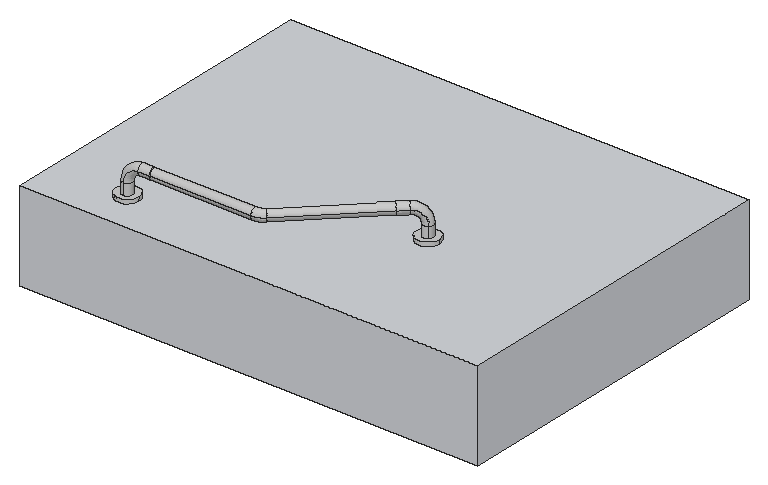
Revit family "ASH_Contour21_S6472_BIM_GB", category Plumbing Fixtures, host Face, Revit 2014
Parameters (values of type "S6472MY - Contour21 - Angled Grab Rail - 450 x 450mm - Stainless Steel")
  WarrantyStartDate [instance] = "1900-12-31T23:59:59"
  WarrantyGuarantorParts = "Productinfo@thebluebook.co.uk"
  WarrantyGuarantorLabor = "n/a"
  WarrantyDurationUnit = "year"
  WarrantyDurationParts = "5"
  WarrantyDurationLabor = "n/a"
  WarrantyDescription = "Manufacturers Warranty"
  WFU = 0
  VolumeUnits = "Litres"
  Version = "1"
  Uniclass2015Version = "Products v1.1"
  Uniclass2015Title = "Support rails"
  Uniclass2015Reference = "n/a"
  Uniclass2015Description = "n/a"
  Uniclass2015Code = "Pr_40_20_76_84"
  Uniclass2 = "n/a"
  URL = "www.idealspec.co.uk"
  Type Comments = "n/a"
  TagNumber [instance] = "n/a"
  SustainabilityPerformance = "n/a"
  SpareParts = "www.fastpart-spares.co.uk"
  Space = "Internal"
  Size = "0 x 0 x 0 mm"
  Shape = "Sculptured"
  SerialNumber [instance] = "n/a"
  Revision = "n/a"
  ReplacementCost = "n/a"
  Reference = "n/a"
  ProductInformation = "www.idealspec.co.uk/assets/datasheet/S6472MY"
  Phone = "01543 490 253"
  NominalWidth = 0 mm
  NominalLength = 0 mm
  NominalHeight = 0 mm
  NettWeight = "1.53 Kg"
  Name = "SupportRails_Contour21_S6472MY_ArmitageShanks"
  NBSTypeID = "n/a"
  NBSReference = "45-35-70/360"
  NBSOfficeMasterTag = "n/a"
  NBSNote = "n/a"
  NBSDescription = "Support rails"
  NBSCertification = "n/a"
  ModelReference = Description  # "Contour 21 angled grab rail 45 x 45 x 35mm diameter"
  ModelNumber = Model  # "S6472MY"
  Model = "S6472MY"
  Material = "Aluminium"
  ManufacturerURL = "www.idealspec.co.uk"
  Manufacturer = "Productinfo@thebluebook.co.uk"
  LinearUnits = "millimeters"
  InstallationInstructions = "www.idealspec.co.uk/resources.html"
  InstallationDate [instance] = "1900-12-31T23:59:59"
  IfcExportType = "FAUCET"
  IfcExportAs = "IfcValveType"
  Help = "www.idealspec.co.uk/contact-us.html"
  HWFU = 0
  GrossWeight = "n/a"
  Grade = "n/a"
  GrabRailMtl = ASH_ArmatigeShanks_Brassware_Steel_MY_Render
  Finish = "Chrome"
  Features = "Angled grab rail 45 x 45 x 35mm diameter"
  ExpectedLife = "30"
  DurationUnit = "year"
  DistributedBy = "n/a"
  Description = "Contour 21 angled grab rail 45 x 45 x 35mm diameter"
  Default Elevation = 680 mm
  CurrencyUnit = "n/a"
  CreatedOn = "2016-26-09"
  Cost = 0
  Constituents = "n/a"
  ConnectionType = "Plumbing"
  Color = "Stainless Steel finish"
  CodePerformance = "n/a"
  Category = "n/a"
  CWFU = 0
  Brand = "Armitage Shanks"
  BarCode = "5017830384427"
  BIMObjectName = "ASH_ArmitageShanks_SupportRails_Contour21_S6472MY"
  Author = "Ideal Standard (UK) Ltd"
  AssetType = "Fixed"
  AssetIdentifier [instance] = "n/a"
  Assembly Code = "C1030200"
  AreaUnits = "millimeters"
  AreaMeasurement = "n/a"
  Accessories = "www.idealspec.co.uk"
  AccessibilityPerformance = "Part-M"
Types (4, lengths in mm): name | ProductInformation | Name | ModelNumber | Model | GrabRailMtl | Color | BarCode | BIMObjectName
  S647236 - Contour21 - Angled Grab Rail - 450 x 450mm - Blue | "www.idealspec.co.uk/assets/datasheet/S647236" | "SupportRails_Contour21_S647236_ArmitageShanks" | "S647236" | "S647236" | ASH_ArmatigeShanks_Brassware_Blue_36_Render | "Blue" | "5017830385066" | "ASH_ArmitageShanks_SupportRails_Contour21_S647236"
  S6472AC - Contour21 - Angled Grab Rail - 450 x 450mm - White | "www.idealspec.co.uk/assets/datasheet/S6472AC" | "SupportRails_Contour21_S6472AC_ArmitageShanks" | "S6472AC" | "S6472AC" | ASH_ArmatigeShanks_Brassware_White_AC_Render | "White" | "5017830383949" | "ASH_ArmitageShanks_SupportRails_Contour21_S6472AC"
  S6472LJ - Contour21 - Angled Grab Rail - 450 x 450mm - Light Grey | "www.idealspec.co.uk/assets/datasheet/S6472LJ" | "SupportRails_Contour21_S6472LJ_ArmitageShanks" | "S6472LJ" | "S6472LJ" | ASH_ArmatigeShanks_Brassware_LightGrey_LJ_Render | "Grey" | "5017830384748" | "ASH_ArmitageShanks_SupportRails_Contour21_S6472LJ"
  S6472MY - Contour21 - Angled Grab Rail - 450 x 450mm - Stainless Steel | "www.idealspec.co.uk/assets/datasheet/S6472MY" | "SupportRails_Contour21_S6472MY_ArmitageShanks" | "S6472MY" | "S6472MY" | ASH_ArmatigeShanks_Brassware_Steel_MY_Render | "Stainless Steel finish" | "5017830384427" | "ASH_ArmitageShanks_SupportRails_Contour21_S6472MY"
Reference planes
  plane 1 "Center (Front/Back)": y = 0
  plane 2: z = 0
  plane 3 "Center (Left/Right)": x = 0
  plane 4: z = 100
  plane 5: y = -57.5
  plane 6: y = -107.5
  plane 7: y = -17.5
  plane 8: y = -40
  plane 9: y = -75
  plane 10: x = 57.5
  plane 11: x = 17.5
  plane 12: x = 40
  plane 13: x = 507.5
  plane 14: through (509.249, -55.496, 1219.2) normal (-0.7071, 0.7071, 0)
  plane 15: through (825.849, 261.104, 1219.2) normal (0.7071, 0.7071, 0)
  plane 16: through (475.046, -24.488, 1219.2) normal (0.7071, 0.7071, 0)
  plane 17: z = 12
  plane 18: z = 117.5
Forms (mm)
  Extrusion 1, solid
    sketch origin (-2.122, -192.856, 0) x (1, 0, 0) y (0, 1, 0)
      loop
        line (-197.878, 1152.856) -> (-197.878, 0.823) -> (1359.51, 0.823) -> (1359.51, 1152.856) -> (-197.878, 1152.856)
    from 0 to -304.8
  Extrusion 2, solid, material "ASH_ArmatigeShanks_Brassware_Steel_MY_Render" <- "GrabRailMtl"
    sketch origin (-2.122, -192.856, 0) x (1, 0, 0) y (0, 1, 0)
      loop
        circle (59.622, 135.356) r 39.254
      loop
        circle (827.971, 453.96) r 39.254
    from 0 to 12
  Sweep 3, solid, material "ASH_ArmatigeShanks_Brassware_Steel_MY_Render" <- "GrabRailMtl"
    path origin (-12.5, -57.5, 1219.2) x (-1, 0, 0) y (0, 0, 1)
      loop
        line (-70, -1207.2) -> (-70, -1169.2)
        arc (-70, -1169.2) -> (-84.645, -1133.845) -> (-120, -1119.2) r 50
        line (-120, -1119.2) -> (-158, -1119.2)
    profile origin (57.5, -57.5, 31) x (1, 0, 0) y (0, 1, 0)
      loop
        circle (0, 0) r 17.5
  Sweep 4, solid, material "ASH_ArmatigeShanks_Brassware_Steel_MY_Render" <- "GrabRailMtl"
    path origin (875.347, 310.602, 1219.2) x (0.707107, 0.707107, 0) y (0, 0, 1)
      loop
        line (-70, -1207.2) -> (-70, -1169.2)
        arc (-70, -1169.2) -> (-84.645, -1133.845) -> (-120, -1119.2) r 50
        line (-120, -1119.2) -> (-158, -1119.2)
    profile origin (825.849, 261.104, 31) x (-0.707107, -0.707107, 0) y (0.707107, -0.707107, 0)
      loop
        circle (0, 0) r 17.5
  Sweep 5, solid, material "ASH_ArmatigeShanks_Brassware_Steel_MY_Render" <- "GrabRailMtl"
    path origin (0, -4572, 100) x (-1, 0, 0) y (0, -1, 0)
      loop
        line (-145.5, -4514.5) -> (-490.676, -4514.5)
        arc (-490.676, -4514.5) -> (-505.984, -4517.545) -> (-518.961, -4526.216) r 40
        line (-518.961, -4526.216) -> (-763.624, -4770.879)
    profile origin (318.088, -57.5, 100) x (0, 1, 0) y (0, 0, 1)
      loop
        circle (0, 0) r 17.5
Dimensions and locks
  locked: plane 4 to level at 100
  plane 10 to plane 13 = 450 mm
  plane 15 to plane 16 = 450 mm
  aligned and locked: plane 2 to Extrusion 1
  aligned and locked: level to Extrusion 1
  aligned and locked: Extrusion 2 to Extrusion 1
  aligned and locked: Extrusion 2 to plane 17
  aligned and locked: plane 4 to Sweep 3 sketch curve  (x3)
  aligned and locked: plane 10 to Sweep 3 sketch curve  (x2)
  aligned and locked: Sweep 5 sketch curve to plane 14
  aligned and locked: Sweep 5 sketch curve to plane 5
